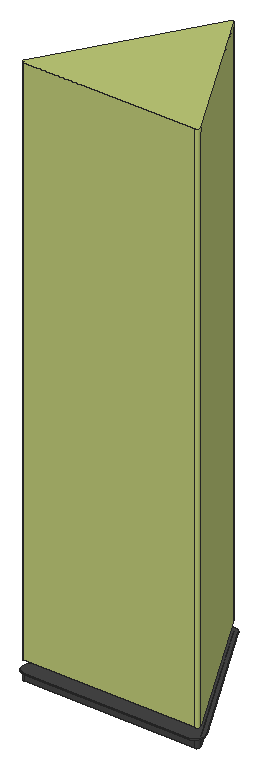
Revit family "Haworth_BuzziTotem_Wedge", category Furniture, Revit 2018
Family settings
  OmniClass Number = 23.40.70.14.64.21
  OmniClass Title = Systems Furniture
  Work Plane-Based = No
  Always vertical = Yes
  Cut with Voids When Loaded = No
  Shared = No
  Room Calculation Point = No
Parameters (values of type "HCBZ-TTS3-32")
  Warranty = "http://www.haworth.com/resources/product-info/warranties"
  Upholstery Finish [instance] = Haworth _ Fabric _ Trevira CS _ Pistache BCS-7009
  URL - Product = "https://www.haworth.com/products/architectural-interiors/acoustic-solutions/buzzitotem"
  URL = "http://www.haworth.com/our-brands/haworth-collection"
  Small = no
  Size = "Verify Final Dim. w/ Haworth"  # constant formula
  Revision Number = "1"  # constant formula
  Model = "HCBZ-TTS3"  # constant formula
  Medium = no
  Manufacturer = "Haworth"  # constant formula
  Large = not(or(Medium, Small))  # yes
  Description = "Haworth BuzziTotem Wedge Large"
  Casters = no
  Base Finish [instance] = Haworth _ Paint _ Black BTR-9005
  Author = "Haworth (Abd Rahman)"  # constant formula
  Assembly Code = "E2020200"
  Actual Width = 24.41016"  # constant formula
  Actual Height = if(Small, 47.23828", if(Medium, 61.01953", 74.80078"))  # 74.80078"
  Actual Depth = 21.64844"  # constant formula
Types (3): name | Small | Medium | Large | Description | Actual Height
  HCBZ-TTS3-32 | no | no | yes | "Haworth BuzziTotem Wedge Large" | 74.80078"
  HCBZ-TTS3-22 | no | yes | no | "Haworth BuzziTotem Wedge Medium" | 61.01953"
  HCBZ-TTS3-12 | yes | no | no | "Haworth BuzziTotem Wedge Small" | 47.23828"
Reference planes (in)
  plane 1: z = 0
  plane 2 "Back": y = 12.57422
  plane 3 "Front": y = -9.07422
  plane 4 "Top": z = 74.80078
  plane 5 "Right": x = 44.51116
  plane 6 "Left": x = 20.101
  plane 7: x = 32.30608
  plane 8: y = 1.75
  plane 9: z = 2.51969
  plane 10: z = 1.29921
  plane 11: z = 1.1811
Forms (in)
  Extrusion 1, solid, material "Haworth _ Paint _ Black BTR-9005" <- "Base Finish"
    sketch origin (0, 0, 0) x (1, 0, 0) y (0, 1, 0)
      loop
        line (44.37832, -7.19922) -> (33.33151, 11.93444)
        arc (33.33151, 11.93444) -> (32.3101, 12.52415) -> (31.28869, 11.93444) r 1.17942
        line (31.28869, 11.93444) -> (20.17404, -7.31669)
        arc (20.17404, -7.31669) -> (20.2683, -8.50543) -> (21.31637, -9.07422) r 1.25
        line (21.31637, -9.07422) -> (43.29579, -9.07422)
        arc (43.29579, -9.07422) -> (44.37832, -8.44922) -> (44.37832, -7.19922) r 1.25
    from 1.1811 to 1.29921
  Extrusion 2, solid, material "Haworth _ Paint _ Black BTR-9005" <- "Base Finish"
    sketch origin (0, 0, 0) x (1, 0, 0) y (0, 1, 0)
      loop
        line (20.80949, -8.49736) -> (43.80267, -8.49736)
        arc (43.80267, -8.49736) -> (44.14701, -8.29856) -> (44.14701, -7.90094) r 0.39762
        line (44.14701, -7.90094) -> (32.65722, 11.99997)
        arc (32.65722, 11.99997) -> (32.31394, 12.19819) -> (31.97061, 12.00007) r 0.39644
        line (31.97061, 12.00007) -> (20.43419, -7.96843)
        arc (20.43419, -7.96843) -> (20.48521, -8.32984) -> (20.80949, -8.49736) r 0.39762
    from 0 to 1.1811
  Extrusion 3, solid, material "Haworth _ Paint _ Black BTR-9005" <- "Base Finish"
    sketch origin (0, 0, 0) x (1, 0, 0) y (0, 1, 0)
      loop
        circle (32.30608, 6.61901) r 0.39816
      loop
        circle (25.31451, -5.5051) r 0.39816
      loop
        circle (39.29765, -5.5051) r 0.39816
    from 1.29921 to 2.51969
  Extrusion 4, solid, material "Haworth _ Fabric _ Trevira CS _ Pistache BCS-7009" <- "Upholstery Finish"
    sketch origin (0, 0, 0) x (1, 0, 0) y (0, 1, 0)
      loop
        line (31.97013, 12.01238) -> (20.46323, -7.91816)
        arc (20.46323, -7.91816) -> (20.46323, -8.30429) -> (20.79764, -8.49736) r 0.38614
        line (20.79764, -8.49736) -> (43.80087, -8.49736)
        arc (43.80087, -8.49736) -> (44.14612, -8.29804) -> (44.14612, -7.89939) r 0.39865
        line (44.14612, -7.89939) -> (32.65005, 12.01238)
        arc (32.65005, 12.01238) -> (32.31009, 12.20866) -> (31.97013, 12.01238) r 0.39255
    from 2.51969 to 74.80078
  Revolve 5, solid, material "Haworth _ Paint _ Black BTR-9005" <- "Base Finish", visible <- "Casters"
    sketch origin (0, 0, -0.22441) x (1, 0, 0) y (0, 1, 0)
      loop
        line (32.30865, 9.20568) -> (33.16398, 9.20568)
        arc (33.16398, 9.20568) -> (33.2378, 9.23625) -> (33.26837, 9.31007) r 0.1044
        line (33.26837, 9.31007) -> (33.26837, 9.96468)
        arc (33.26837, 9.96468) -> (33.23836, 10.03712) -> (33.16592, 10.06713) r 0.10246
        line (33.16592, 10.06713) -> (32.30865, 10.06713) -> (32.30865, 9.20568)
      axis (32.30865, 10.06713) -> (32.30865, 9.20568)
    angle from 0 to 360
  Extrusion 6, solid, material "Haworth _ Paint _ Black BTR-9005" <- "Base Finish", visible <- "Casters"
    sketch origin (0, 12.57422, 0) x (-1, 0, 0) y (0, 0, 1)
      loop
        line (-33.02262, 1.18105) -> (-33.02262, -0.21832)
        arc (-33.02262, -0.21832) -> (-32.30865, -0.93229) -> (-31.59469, -0.21832) r 0.71397
        line (-31.59469, -0.21832) -> (-31.59469, 1.18105) -> (-33.02262, 1.18105)
    from -2.34576 to -3.52987
  Revolve 7, solid, material "Haworth _ Paint _ Black BTR-9005" <- "Base Finish", visible <- "Casters"
    sketch origin (-9.13822, -16.71631, -0.22441) x (1, 0, 0) y (0, 1, 0)
      loop
        line (32.30865, 9.20568) -> (33.16398, 9.20568)
        arc (33.16398, 9.20568) -> (33.2378, 9.23625) -> (33.26837, 9.31007) r 0.1044
        line (33.26837, 9.31007) -> (33.26837, 9.96468)
        arc (33.26837, 9.96468) -> (33.23836, 10.03712) -> (33.16592, 10.06713) r 0.10246
        line (33.16592, 10.06713) -> (32.30865, 10.06713) -> (32.30865, 9.20568)
      axis (32.30865, 10.06713) -> (32.30865, 9.20568)
    angle from 0 to 360
  Extrusion 8, solid, material "Haworth _ Paint _ Black BTR-9005" <- "Base Finish", visible <- "Casters"
    sketch origin (-9.13822, -4.14209, 0) x (-1, 0, 0) y (0, 0, 1)
      loop
        line (-33.02262, 1.18105) -> (-33.02262, -0.21832)
        arc (-33.02262, -0.21832) -> (-32.30865, -0.93229) -> (-31.59469, -0.21832) r 0.71397
        line (-31.59469, -0.21832) -> (-31.59469, 1.18105) -> (-33.02262, 1.18105)
    from -2.34576 to -3.52987
  Revolve 9, solid, material "Haworth _ Paint _ Black BTR-9005" <- "Base Finish", visible <- "Casters"
    sketch origin (73.75038, -16.71631, -0.22441) x (-1, 0, 0) y (0, -1, 0)
      loop
        line (32.30865, -9.20568) -> (32.30865, -10.06713) -> (33.16592, -10.06713)
        arc (33.16592, -10.06713) -> (33.23836, -10.03712) -> (33.26837, -9.96468) r 0.10246
        line (33.26837, -9.96468) -> (33.26837, -9.31007)
        arc (33.26837, -9.31007) -> (33.2378, -9.23625) -> (33.16398, -9.20568) r 0.1044
        line (33.16398, -9.20568) -> (32.30865, -9.20568)
      axis (32.30865, -10.06713) -> (32.30865, -9.20568)
    angle from 0 to 360
  Extrusion 10, solid, material "Haworth _ Paint _ Black BTR-9005" <- "Base Finish", visible <- "Casters"
    sketch origin (73.75038, -4.14209, 0) x (1, 0, 0) y (0, 0, -1)
      loop
        line (-33.02262, -1.18105) -> (-31.59469, -1.18105) -> (-31.59469, 0.21832)
        arc (-31.59469, 0.21832) -> (-32.30865, 0.93229) -> (-33.02262, 0.21832) r 0.71397
        line (-33.02262, 0.21832) -> (-33.02262, -1.18105)
    from -2.34576 to -3.52987
Cuts and joins
  joined: Extrusion 1, Extrusion 2, Extrusion 3
  joined: Revolve 5, Extrusion 6, Revolve 7, Extrusion 8, Revolve 9, Extrusion 10
Lines and regions (in)
  Masking region 1
    outline origin (0, 0, 0) x (1, 0, 0) y (0, 1, 0)
      loop
        line (44.37832, -7.19922) -> (33.33151, 11.93444)
        arc (33.33151, 11.93444) -> (32.3101, 12.52415) -> (31.28869, 11.93444) r 1.17942
        line (31.28869, 11.93444) -> (20.17404, -7.31669)
        arc (20.17404, -7.31669) -> (20.2683, -8.50543) -> (21.31637, -9.07422) r 1.25
        line (21.31637, -9.07422) -> (43.29579, -9.07422)
        arc (43.29579, -9.07422) -> (44.37832, -8.44922) -> (44.37832, -7.19922) r 1.25
  symbolic lines
    curve 1: line (44.14612, -7.89939, 0) -> (32.65005, 12.01238, 0)
    curve 2: line (31.97013, 12.01238, 0) -> (20.46323, -7.91816, 0)
    curve 3: line (20.79764, -8.49736, 0) -> (43.80087, -8.49736, 0)
    curve 4: arc (20.46323, -7.91816, 0) -> (20.46323, -8.30429, 0) -> (20.79764, -8.49736, 0) r 0.38614
    curve 5: arc (43.80087, -8.49736, 0) -> (44.14612, -8.29804, 0) -> (44.14612, -7.89939, 0) r 0.39865
    curve 6: arc (32.65005, 12.01238, 0) -> (32.31009, 12.20866, 0) -> (31.97013, 12.01238, 0) r 0.39255
Dimensions and locks (in)
  "Actual Width": plane 6 "Left" to plane 5 "Right"
  "Actual Depth": plane 3 "Front" to plane 2 "Back"
  "Actual Height": plane 4 "Top" to level
  equal spacing: plane 6 "Left", plane 7, plane 5 "Right"
  equal spacing: plane 2 "Back", plane 8, plane 3 "Front"
  plane 9 to plane 10 to plane 11 to plane 1 = 1.22047" locked, 0.11811" locked, 1.1811" locked
  aligned and locked: Extrusion 1 to plane 11
  aligned and locked: plane 10 to Extrusion 1
  aligned and locked: Extrusion 2 to plane 1
  aligned and locked: plane 11 to Extrusion 2
  aligned and locked: Extrusion 3 to plane 10
  aligned and locked: plane 9 to Extrusion 3
  aligned and locked: plane 9 to cut or joined group of Extrusion 1, Extrusion 2, Extrusion 3
  aligned and locked: cut or joined group of Extrusion 1, Extrusion 2, Extrusion 3 to plane 10  (x2)
  aligned and locked: cut or joined group of Extrusion 1, Extrusion 2, Extrusion 3 to plane 11
  aligned and locked: cut or joined group of Extrusion 1, Extrusion 2, Extrusion 3 to plane 1
  aligned and locked: plane 11 to cut or joined group of Extrusion 1, Extrusion 2, Extrusion 3  (x2)
  aligned and locked: plane 4 "Top" to Extrusion 4
  aligned and locked: Extrusion 4 to plane 9
Automatic sketch dimensions
  curve 2 to plane 6 "Left" = 0.36223"
  curve 2 to curve 4 = 0.33441"
  plane 7 to curve 2 = 0.33595"
  curve 6 to plane 7 = 0.00401"
  curve 1 to plane 7 = 0.34397"
  curve 5 to plane 5 "Right" = 0.71028"
  curve 1 to plane 5 "Right" = 0.36504"
  curve 3 to plane 3 "Front" = 0.57686"
  curve 3 to curve 4 = 0.38614"
  curve 3 to curve 5 = 0.39865"
  curve 6 to plane 2 "Back" = 0.75811"
  curve 6 to curve 1 = 0.19628"
  plane 3 "Front" to Extrusion 1 sketch curve = 0"
  Extrusion 1 sketch curve to plane 6 "Left" = 0.07304"
  Extrusion 1 sketch curve to plane 6 "Left" = 1.21537"
  plane 7 to Extrusion 1 sketch curve = 1.01739"
  Extrusion 1 sketch curve to plane 7 = 0.00402"
  Extrusion 1 sketch curve to plane 2 "Back" = 0.63978"
  Extrusion 1 sketch curve to plane 7 = 1.02543"
  Extrusion 1 sketch curve to plane 5 "Right" = 1.21537"
  Extrusion 1 sketch curve to plane 5 "Right" = 0.13284"
  Extrusion 1 sketch curve to plane 3 "Front" = 1.25"  (x2)
  Extrusion 1 sketch curve to Extrusion 1 sketch curve = 0.58971"
  Extrusion 2 sketch curve to plane 6 "Left" = 0.33319"
  Extrusion 2 sketch curve to Extrusion 2 sketch curve = 0.3753"
  plane 7 to Extrusion 2 sketch curve = 0.33547"
  Extrusion 2 sketch curve to plane 7 = 0.00781"
  Extrusion 2 sketch curve to plane 7 = 0.35114"
  Extrusion 2 sketch curve to plane 5 "Right" = 0.70849"
  Extrusion 2 sketch curve to plane 5 "Right" = 0.36415"
  Extrusion 2 sketch curve to plane 3 "Front" = 0.57686"
  Extrusion 2 sketch curve to Extrusion 2 sketch curve = 0.39762"  (x2)
  Extrusion 2 sketch curve to plane 2 "Back" = 0.77247"
  Extrusion 2 sketch curve to Extrusion 2 sketch curve = 0.19822"
  Extrusion 3 sketch curve to plane 7 = 0"
  Extrusion 3 sketch curve to plane 6 "Left" = 5.2135"
  Extrusion 3 sketch curve to plane 5 "Right" = 5.2135"
  Extrusion 3 sketch curve to plane 3 "Front" = 3.56911"  (x2)
  plane 8 to Extrusion 3 sketch curve = 4.86901"
  Extrusion 4 sketch curve to plane 6 "Left" = 0.36223"
  Extrusion 4 sketch curve to Extrusion 4 sketch curve = 0.33441"
  plane 7 to Extrusion 4 sketch curve = 0.33595"
  Extrusion 4 sketch curve to plane 7 = 0.00401"
  Extrusion 4 sketch curve to plane 7 = 0.34397"
  Extrusion 4 sketch curve to plane 5 "Right" = 0.71028"
  Extrusion 4 sketch curve to plane 5 "Right" = 0.36504"
  Extrusion 4 sketch curve to plane 3 "Front" = 0.57686"
  Extrusion 4 sketch curve to Extrusion 4 sketch curve = 0.38614"
  Extrusion 4 sketch curve to Extrusion 4 sketch curve = 0.39865"
  Extrusion 4 sketch curve to plane 2 "Back" = 0.75811"
  Extrusion 4 sketch curve to Extrusion 4 sketch curve = 0.19628"
  plane 3 "Front" to Masking region 1 sketch curve = 0"
  Masking region 1 sketch curve to plane 6 "Left" = 0.07304"
  Masking region 1 sketch curve to plane 6 "Left" = 1.21537"
  plane 7 to Masking region 1 sketch curve = 1.01739"
  Masking region 1 sketch curve to plane 7 = 0.00402"
  Masking region 1 sketch curve to plane 2 "Back" = 0.63978"
  Masking region 1 sketch curve to plane 7 = 1.02543"
  Masking region 1 sketch curve to plane 5 "Right" = 1.21537"
  Masking region 1 sketch curve to plane 5 "Right" = 0.13284"
  Masking region 1 sketch curve to plane 3 "Front" = 1.25"  (x2)
  Masking region 1 sketch curve to Masking region 1 sketch curve = 0.58971"
  Revolve 5 sketch curve to plane 7 = 0.00258"
  Revolve 5 sketch curve to Revolve 5 sketch curve = 0.85532"
  Revolve 5 sketch curve to Revolve 5 sketch curve = 0.00194"
  Revolve 5 sketch curve to Revolve 5 sketch curve = 0.10246"
  Revolve 5 sketch curve to plane 2 "Back" = 3.36854"
  Revolve 5 sketch curve to Revolve 5 sketch curve = 0.6546"
  Revolve 5 sketch curve to Revolve 5 sketch curve = 0"  (x3)
  Extrusion 6 sketch curve to plane 11 = 0.00005"
  Extrusion 6 sketch curve to plane 7 = 0.71654"
  Extrusion 6 sketch curve to plane 7 = 0.00258"
  Extrusion 6 sketch curve to level = 0.21832"
  Revolve 7 sketch curve to plane 3 "Front" = 1.56359"
  Revolve 7 sketch curve to plane 6 "Left" = 3.06943"
  Revolve 7 sketch curve to Revolve 7 sketch curve = 0.85532"
  Revolve 7 sketch curve to Revolve 7 sketch curve = 0.00194"
  Revolve 7 sketch curve to Revolve 7 sketch curve = 0.10246"
  Revolve 7 sketch curve to Revolve 7 sketch curve = 0.6546"
  Revolve 7 sketch curve to Revolve 7 sketch curve = 0"  (x3)
  Extrusion 8 sketch curve to plane 11 = 0.00005"
  Extrusion 8 sketch curve to plane 6 "Left" = 3.7834"
  Extrusion 8 sketch curve to level = 0.21832"
  Extrusion 8 sketch curve to Extrusion 8 sketch curve = 0.71397"
  Revolve 9 sketch curve to plane 3 "Front" = 1.56359"
  Revolve 9 sketch curve to plane 5 "Right" = 3.06943"
  Revolve 9 sketch curve to Revolve 9 sketch curve = 0.85532"
  Revolve 9 sketch curve to Revolve 9 sketch curve = 0.00194"
  Revolve 9 sketch curve to Revolve 9 sketch curve = 0.10246"
  Revolve 9 sketch curve to Revolve 9 sketch curve = 0.6546"
  Revolve 9 sketch curve to Revolve 9 sketch curve = 0"  (x3)
  Extrusion 10 sketch curve to plane 11 = 0.00005"
  Extrusion 10 sketch curve to plane 5 "Right" = 3.7834"
  Extrusion 10 sketch curve to level = 0.21832"
  Extrusion 10 sketch curve to Extrusion 10 sketch curve = 0.71397"
  radius of Extrusion 3 sketch curve = 0.39816"  (x3)
